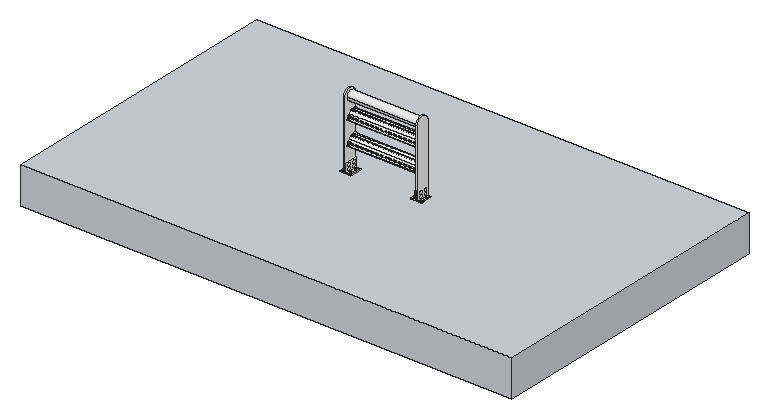
Revit family
Parameters (values of type "24" Projection")
  Warranty = "http://www.alllite-louvers.com/catalog/All-Lite-Warranty.pdf"
  URL = "http://www.alllite-louvers.com"
  Strut/Shroud = Mill finish 6063-T5 extruded aluminum
  Strut = no
  Specifications = "http://www.alllite-louvers.com/catalog/ssa-445-csi-specification.doc"
  SmartBIM Object Version = 3  # constant formula
  SmartBIM Object Created By = "Reed Construction Data"  # constant formula
  Shroud = no
  Projection = 2' - 0"
  Product URL = "http://www.alllite-louvers.com/catalog.php?model=SSA-445"
  Outrigger Spacing = 2' - 0"
  Outrigger Material = Mill finish 6063-T5 extruded aluminum
  Outrigger = "4” high"
  Mounting Bracket Material = Mill finish 6063-T5 extruded aluminum
  Mounting Bracket Visibility = yes
  Mounting Bracket = "Exposed."  # constant formula
  Model Number = "SSA-445"  # constant formula
  Minimum Size = "12\""
  Maximum Size - Single Section = "96\""
  Maximum Size - Multiple Section = "Unlimited"  # constant formula
  Material = "Mill finish 6063-T5 extruded aluminum."  # constant formula
  Manufacturer = "All-Lite"  # constant formula
  Fascia Material = Mill finish 6063-T5 extruded aluminum
  Fascia = "3” diameter x 0.08” thick round tube."
  Default Elevation = 4' - 0"
  Cut Sheet = "http://www.alllite-louvers.com/catalog/SSA445.pdf"
  Blades = "45 Deg x  0.085” thick airfoil style."
  Blade Material = Mill finish 6063-T5 extruded aluminum
  Assembly Code = "B2010400"
  95 CSI = "10700"  # constant formula
  04 CSI = "10 71 13"  # constant formula
Types (6): name | Projection
  (no name) | 2' - 0"
  24" Projection | 2' - 0"
  36" Projection | 3' - 0"
  42" Projection | 3' - 6"
  48" Projection | 4' - 0"
  60" Projection | 5' - 0"
Reference planes (in)
  plane 1 "Center (Front/Back)": y = 0
  plane 2: z = 0
  plane 3 "Center (Left/Right)": x = 0
  plane 4: z = 24
  plane 5: x = -12
  plane 6: x = 12
Forms (in)
  Extrusion 1, solid
    sketch origin (0, 0, 0) x (1, 0, 0) y (0, 1, 0)
      loop
        line (-78.58331, 48) -> (-78.58331, -48) -> (80.97547, -48) -> (80.97547, 48) -> (-78.58331, 48)
    from 0 to -12
Dimensions and locks (in)
  "Projection": plane 4 to Extrusion 1
  equal spacing: plane 5, plane 3 "Center (Left/Right)", plane 6
  "Outrigger Spacing": plane 5 to plane 6
  aligned and locked: Extrusion 1 to plane 2
  aligned and locked: Extrusion 1 to level
  aligned and locked: nested 1 to plane 1 "Center (Front/Back)"
  aligned and locked: plane 3 "Center (Left/Right)" to nested 1
  aligned and locked: nested 1 to Extrusion 1
Automatic sketch dimensions
  Extrusion 1 sketch curve to Extrusion 1 sketch curve = 13' - 3.55878"
  Extrusion 1 sketch curve to Extrusion 1 sketch curve = 8' - 0"
Nested families (in)
  nested 1: "Outrigger-With-Blades" at (0, 0, 0) x (0, 1, 0) z (0, 0, 1), type "Outrigger-With-Blades"
    with Strut no
Definition of nested family "Outrigger-With-Blades"
  Parameters (values of type "Outrigger-With-Blades")
    Strut Material = Mill finish 6063-T5 extruded aluminum
    Strut = yes
    Shroud = no
    Projection = 2' - 0"
    Outrigger Thickness = 0' - 0 1/2"
    Outrigger Spacing = 2' - 0"
    Outrigger Material = Mill finish 6063-T5 extruded aluminum
    Outrigger Hight = 0' - 4"
    Mounting Bracket = Mill finish 6063-T5 extruded aluminum
    Fascia = Mill finish 6063-T5 extruded aluminum
    Drip = if(Brackets, 0' 0 1/4", 0' 0")  # 0' - 0 1/4"
    Brackets = yes
    Blade Material = Mill finish 6063-T5 extruded aluminum
    Assembly Code = ""
    #Of Blades = ((Projection - 1' 0") / 0' 7 1/2")  # 2
  Reference planes (in)
    plane 1 "Center (Front/Back)": y = 0
    plane 2: z = 0
    plane 3 "Center (Left/Right)": x = 0
    plane 4: z = 24
    plane 5: y = 12
    plane 6: y = -12
    plane 7: y = 11.5
    plane 8: y = -11.5
    plane 9: z = 18
    plane 10: x = 2
    plane 11: z = 6
    plane 12: x = 4
    plane 13: z = 0.25
    plane 14: y = -11.125
    plane 15: y = -12.125
    plane 16: y = 11.125
    plane 17: y = 12.125
    plane 18: z = 10.5
    plane 19: z = 0.25
  Forms (in)
    Extrusion 1, solid, material "Mill finish 6063-T5 extruded aluminum" <- "Outrigger Material"
      sketch origin (-26.08204, 12, 48) x (-1, 0, 0) y (0, 0, 1)
        loop
          arc (-26.08204, -26) -> (-28.08204, -24) -> (-30.08204, -26) r 2
          line (-30.08204, -26) -> (-30.08204, -47.75) -> (-26.08204, -47.75) -> (-26.08204, -26)
      from 0 to -0.5
    Extrusion 2, solid, material "Mill finish 6063-T5 extruded aluminum" <- "Outrigger Material"
      sketch origin (-26.08204, -12, 48) x (-1, 0, 0) y (0, 0, -1)
        loop
          line (-26.08204, 26) -> (-26.08204, 47.75) -> (-30.08204, 47.75) -> (-30.08204, 26)
          arc (-30.08204, 26) -> (-28.08204, 24) -> (-26.08204, 26) r 2
      from 0 to -0.5
    Extrusion 3, solid, material "Mill finish 6063-T5 extruded aluminum" <- "Fascia"
      sketch origin (0, 0, 0) x (1, 0, 0) y (0, 0, 1)
        loop
          circle (2, 22) r 1.5
      from -11.5 to 11.5
    Extrusion 4, solid, material "Mill finish 6063-T5 extruded aluminum" <- "Mounting Bracket", visible <- "Brackets"
      sketch origin (0, 0, 0) x (0, 1, 0) y (0, 0, 1)
        loop
          line (13.25, 0) -> (13.25, 0.25) -> (11.5, 0.25) -> (11.5, 3) -> (11.25, 3) -> (11.25, 0.25) -> (9.75, 0.25) -> (9.75, 0) -> (13.25, 0)
        loop
          line (-13.25, 0) -> (-9.75, 0) -> (-9.75, 0.25) -> (-11.25, 0.25) -> (-11.25, 3) -> (-11.5, 3) -> (-11.5, 0.25) -> (-13.25, 0.25) -> (-13.25, 0)
      from 0 to 4
    Extrusion 5, solid, material "Mill finish 6063-T5 extruded aluminum" <- "Mounting Bracket", visible <- "Brackets"
      sketch origin (0, -19.25, 0.25) x (-1, 0, 0) y (0, 1, 0)
        loop
          line (-0.81293, 32.19901) -> (-1.18707, 32.19901) -> (-1.37414, 31.875) -> (-1.18707, 31.55099) -> (-0.81293, 31.55099) -> (-0.62586, 31.875) -> (-0.81293, 32.19901)
        loop
          line (-3.18707, 32.19901) -> (-3.37414, 31.875) -> (-3.18707, 31.55099) -> (-2.81293, 31.55099) -> (-2.62586, 31.875) -> (-2.81293, 32.19901) -> (-3.18707, 32.19901)
        loop
          line (-0.81293, 29.30099) -> (-0.62586, 29.625) -> (-0.81293, 29.94901) -> (-1.18707, 29.94901) -> (-1.37414, 29.625) -> (-1.18707, 29.30099) -> (-0.81293, 29.30099)
        loop
          line (-3.18707, 29.30099) -> (-2.81293, 29.30099) -> (-2.62586, 29.625) -> (-2.81293, 29.94901) -> (-3.18707, 29.94901) -> (-3.37414, 29.625) -> (-3.18707, 29.30099)
      from 0 to -0.125
    Extrusion 6, solid, material "Mill finish 6063-T5 extruded aluminum" <- "Mounting Bracket", visible <- "Brackets"
      sketch origin (0, 19.25, 0.25) x (1, 0, 0) y (0, -1, 0)
        loop
          line (0.81293, 32.19901) -> (0.62586, 31.875) -> (0.81293, 31.55099) -> (1.18707, 31.55099) -> (1.37414, 31.875) -> (1.18707, 32.19901) -> (0.81293, 32.19901)
        loop
          line (3.18707, 32.19901) -> (2.81293, 32.19901) -> (2.62586, 31.875) -> (2.81293, 31.55099) -> (3.18707, 31.55099) -> (3.37414, 31.875) -> (3.18707, 32.19901)
        loop
          line (0.81293, 29.30099) -> (1.18707, 29.30099) -> (1.37414, 29.625) -> (1.18707, 29.94901) -> (0.81293, 29.94901) -> (0.62586, 29.625) -> (0.81293, 29.30099)
        loop
          line (3.18707, 29.30099) -> (3.37414, 29.625) -> (3.18707, 29.94901) -> (2.81293, 29.94901) -> (2.62586, 29.625) -> (2.81293, 29.30099) -> (3.18707, 29.30099)
      from 0 to -0.125
    Extrusion 7, solid, material "Mill finish 6063-T5 extruded aluminum" <- "Mounting Bracket", visible <- "Brackets"
      sketch origin (0, -11.5, 48) x (-1, 0, 0) y (0, 0, -1)
        loop
          line (-0.62586, 47.11157) -> (-1, 47.32758) -> (-1.37414, 47.11157) -> (-1.37414, 46.67956) -> (-1, 46.46355) -> (-0.62586, 46.67956) -> (-0.62586, 47.11157)
        loop
          line (-3.37414, 47.11157) -> (-3.37414, 46.67956) -> (-3, 46.46355) -> (-2.62586, 46.67956) -> (-2.62586, 47.11157) -> (-3, 47.32758) -> (-3.37414, 47.11157)
        loop
          line (-0.62586, 45.86157) -> (-1, 46.07758) -> (-1.37414, 45.86157) -> (-1.37414, 45.42956) -> (-1, 45.21355) -> (-0.62586, 45.42956) -> (-0.62586, 45.86157)
        loop
          line (-3.37414, 45.86157) -> (-3.37414, 45.42956) -> (-3, 45.21355) -> (-2.62586, 45.42956) -> (-2.62586, 45.86157) -> (-3, 46.07758) -> (-3.37414, 45.86157)
      from -0.375 to -0.25
    Extrusion 8, solid, material "Mill finish 6063-T5 extruded aluminum" <- "Mounting Bracket", visible <- "Brackets"
      sketch origin (-26.08204, -12, 48) x (-1, 0, 0) y (0, 0, -1)
        loop
          line (-26.7079, 47.11157) -> (-27.08204, 47.32758) -> (-27.45618, 47.11157) -> (-27.45618, 46.67956) -> (-27.08204, 46.46355) -> (-26.7079, 46.67956) -> (-26.7079, 47.11157)
        loop
          line (-29.45618, 47.11157) -> (-29.45618, 46.67956) -> (-29.08204, 46.46355) -> (-28.7079, 46.67956) -> (-28.7079, 47.11157) -> (-29.08204, 47.32758) -> (-29.45618, 47.11157)
        loop
          line (-26.7079, 45.86157) -> (-27.08204, 46.07758) -> (-27.45618, 45.86157) -> (-27.45618, 45.42956) -> (-27.08204, 45.21355) -> (-26.7079, 45.42956) -> (-26.7079, 45.86157)
        loop
          line (-29.45618, 45.86157) -> (-29.45618, 45.42956) -> (-29.08204, 45.21355) -> (-28.7079, 45.42956) -> (-28.7079, 45.86157) -> (-29.08204, 46.07758) -> (-29.45618, 45.86157)
      from 0 to 0.125
    Extrusion 9, solid, material "Mill finish 6063-T5 extruded aluminum" <- "Mounting Bracket", visible <- "Brackets"
      sketch origin (0, 11.5, 48) x (-1, 0, 0) y (0, 0, 1)
        loop
          line (-0.62586, -47.11157) -> (-0.62586, -46.67956) -> (-1, -46.46355) -> (-1.37414, -46.67956) -> (-1.37414, -47.11157) -> (-1, -47.32758) -> (-0.62586, -47.11157)
        loop
          line (-3.37414, -47.11157) -> (-3, -47.32758) -> (-2.62586, -47.11157) -> (-2.62586, -46.67956) -> (-3, -46.46355) -> (-3.37414, -46.67956) -> (-3.37414, -47.11157)
        loop
          line (-0.62586, -45.86157) -> (-0.62586, -45.42956) -> (-1, -45.21355) -> (-1.37414, -45.42956) -> (-1.37414, -45.86157) -> (-1, -46.07758) -> (-0.62586, -45.86157)
        loop
          line (-3.37414, -45.86157) -> (-3, -46.07758) -> (-2.62586, -45.86157) -> (-2.62586, -45.42956) -> (-3, -45.21355) -> (-3.37414, -45.42956) -> (-3.37414, -45.86157)
      from -0.375 to -0.25
    Extrusion 10, solid, material "Mill finish 6063-T5 extruded aluminum" <- "Mounting Bracket", visible <- "Brackets"
      sketch origin (-26.08204, 18, 48) x (-1, 0, 0) y (0, 0, 1)
        loop
          line (-26.7079, -47.11157) -> (-26.7079, -46.67956) -> (-27.08204, -46.46355) -> (-27.45618, -46.67956) -> (-27.45618, -47.11157) -> (-27.08204, -47.32758) -> (-26.7079, -47.11157)
        loop
          line (-29.45618, -47.11157) -> (-29.08204, -47.32758) -> (-28.7079, -47.11157) -> (-28.7079, -46.67956) -> (-29.08204, -46.46355) -> (-29.45618, -46.67956) -> (-29.45618, -47.11157)
        loop
          line (-26.7079, -45.86157) -> (-26.7079, -45.42956) -> (-27.08204, -45.21355) -> (-27.45618, -45.42956) -> (-27.45618, -45.86157) -> (-27.08204, -46.07758) -> (-26.7079, -45.86157)
        loop
          line (-29.45618, -45.86157) -> (-29.08204, -46.07758) -> (-28.7079, -45.86157) -> (-28.7079, -45.42956) -> (-29.08204, -45.21355) -> (-29.45618, -45.42956) -> (-29.45618, -45.86157)
      from -6 to -5.875
  Dimensions and locks (in)
    "Projection": plane 4 to level
    "Outrigger Hight": Extrusion 1 sketch curve to plane 3 "Center (Left/Right)"
    locked: plane 4 to Extrusion 1 sketch curve at 0
    equal spacing: plane 6, plane 1 "Center (Front/Back)", plane 5
    "Outrigger Spacing": plane 6 to plane 5
    "Outrigger Thickness": plane 5 to plane 7
    locked: plane 4 to Extrusion 2 sketch curve at 0
    "Outrigger Hight": Extrusion 2 sketch curve to plane 3 "Center (Left/Right)"
    locked: plane 4 to Extrusion 3 sketch curve at 2
    locked: Extrusion 3 sketch curve to plane 3 "Center (Left/Right)" at 2
    "Outrigger Thickness": plane 6 to plane 8
    locked: plane 4 to plane 9 at 6
    locked: plane 3 "Center (Left/Right)" to plane 10 at 2
    locked: plane 11 to level at 6
    "Outrigger Hight": plane 3 "Center (Left/Right)" to plane 12
    locked: Extrusion 4 sketch curve to Extrusion 4 sketch curve at 0.25  (x3)
    Extrusion 4 sketch curve to plane 7 to Extrusion 4 sketch curve = 0' - 1 3/4" locked, 0' - 1 3/4" locked
    locked: level to Extrusion 4 sketch curve at 3
    Extrusion 4 sketch curve to plane 8 to Extrusion 4 sketch curve = 0' - 1 3/4" locked, 0' - 1 3/4" locked
    locked: Extrusion 4 sketch curve to level at 3
    locked: Extrusion 4 sketch curve to level at 0.25
    locked: plane 13 to level at 0.25
    plane 3 "Center (Left/Right)" to plane 10 = 0' - 2"
    locked: plane 14 to plane 8 at 0.375
    locked: plane 6 to plane 15 at 0.125
    locked: plane 17 to plane 5 at 0.125
    locked: plane 7 to plane 16 at 0.375
    locked: plane 9 to plane 18 at 7.5
    group 1 to group 2 = 0' - 0"  (x2)
    group 2 to group 1 = 0' - 7 1/2"
    "Drip": plane 19 to plane 2
    aligned and locked: Extrusion 1 sketch curve to plane 3 "Center (Left/Right)"
    aligned and locked: Extrusion 1 to plane 7
    aligned and locked: plane 3 "Center (Left/Right)" to Extrusion 2 sketch curve
    aligned and locked: plane 7 to Extrusion 3
    aligned and locked: plane 6 to Extrusion 2
    aligned and locked: Extrusion 2 to plane 8
    aligned and locked: plane 8 to Extrusion 3
    aligned and locked: nested 1 to plane 9
    aligned and locked: plane 10 to nested 1
    aligned and locked: plane 1 "Center (Front/Back)" to nested 1
    aligned and locked: level to Extrusion 4 sketch curve
    aligned and locked: Extrusion 4 to plane 12
    aligned and locked: Extrusion 4 to plane 3 "Center (Left/Right)"
    aligned and locked: Extrusion 4 sketch curve to plane 7
    aligned and locked: Extrusion 4 sketch curve to Extrusion 4 sketch curve  (x2)
    aligned and locked: Extrusion 5 to plane 13
    aligned and locked: plane 14 to Extrusion 7
    aligned and locked: Extrusion 7 to Extrusion 4
    aligned and locked: Extrusion 8 to plane 6
    aligned and locked: plane 15 to Extrusion 8
    aligned and locked: Extrusion 9 to Extrusion 4
    aligned and locked: plane 16 to Extrusion 9
    aligned and locked: Extrusion 10 to plane 5
    aligned and locked: plane 17 to Extrusion 10
    aligned and locked: nested 2 to plane 18
    aligned and locked: plane 10 to nested 2
    aligned and locked: plane 1 "Center (Front/Back)" to nested 2
    aligned and locked: nested 3 to plane 6
    aligned and locked: plane 3 "Center (Left/Right)" to nested 3
    aligned and locked: level to nested 3
    aligned and locked: nested 4 to level
    aligned and locked: nested 4 to plane 12
    aligned and locked: plane 6 to nested 4
    aligned and locked: nested 6 to plane 5
    aligned and locked: plane 5 to nested 5
    aligned and locked: level to nested 6
    aligned and locked: nested 5 to level
    aligned and locked: Extrusion 1 sketch curve to plane 19
    aligned and locked: Extrusion 2 sketch curve to plane 19
  Automatic sketch dimensions
    Extrusion 4 sketch curve to plane 8 = 0' - 0"
    Extrusion 4 sketch curve to level = 0' - 0"
    plane 12 to Extrusion 5 sketch curve = 0' - 0.62586"  (x2)
    Extrusion 5 sketch curve to Extrusion 5 sketch curve = 0' - 0.18707"  (x12)
    plane 17 to Extrusion 5 sketch curve = 0' - 0.17599"  (x2)
    Extrusion 5 sketch curve to Extrusion 5 sketch curve = 0' - 0.37414"  (x8)
    plane 10 to Extrusion 5 sketch curve = 0' - 0.62586"  (x2)
    Extrusion 5 sketch curve to Extrusion 5 sketch curve = 0' - 0.32401"  (x12)
    plane 16 to Extrusion 5 sketch curve = 0' - 0.42599"  (x2)
    plane 3 "Center (Left/Right)" to Extrusion 6 sketch curve = 0' - 0.62586"  (x2)
    Extrusion 6 sketch curve to Extrusion 6 sketch curve = 0' - 0.18707"  (x12)
    plane 15 to Extrusion 6 sketch curve = 0' - 0.17599"  (x2)
    Extrusion 6 sketch curve to Extrusion 6 sketch curve = 0' - 0.37414"  (x8)
    Extrusion 6 sketch curve to plane 10 = 0' - 0.62586"  (x2)
    Extrusion 6 sketch curve to Extrusion 6 sketch curve = 0' - 0.32401"  (x12)
    plane 14 to Extrusion 6 sketch curve = 0' - 0.42599"  (x2)
    Extrusion 7 sketch curve to plane 12 = 0' - 0.62586"  (x2)
    Extrusion 7 sketch curve to Extrusion 7 sketch curve = 0' - 0.37414"  (x10)
    Extrusion 7 sketch curve to Extrusion 7 sketch curve = 0' - 0"  (x2)
    plane 13 to Extrusion 7 sketch curve = 0' - 0.42242"  (x2)
    Extrusion 7 sketch curve to plane 10 = 0' - 0.62586"  (x2)
    Extrusion 7 sketch curve to Extrusion 7 sketch curve = 0' - 0.21601"  (x12)
    Extrusion 7 sketch curve to Extrusion 7 sketch curve = 0' - 0.43202"  (x8)
    Extrusion 7 sketch curve to Extrusion 7 sketch curve = 0' - 0.38596"  (x2)
    Extrusion 8 sketch curve to plane 12 = 0' - 0.62586"  (x2)
    Extrusion 8 sketch curve to Extrusion 8 sketch curve = 0' - 0.37414"  (x10)
    Extrusion 8 sketch curve to Extrusion 8 sketch curve = 0' - 0"  (x2)
    plane 13 to Extrusion 8 sketch curve = 0' - 0.42242"  (x2)
    Extrusion 8 sketch curve to plane 10 = 0' - 0.62586"  (x2)
    Extrusion 8 sketch curve to Extrusion 8 sketch curve = 0' - 0.21601"  (x12)
    Extrusion 8 sketch curve to Extrusion 8 sketch curve = 0' - 0.43202"  (x8)
    Extrusion 8 sketch curve to Extrusion 8 sketch curve = 0' - 0.38596"  (x2)
    plane 12 to Extrusion 9 sketch curve = 0' - 0.62586"  (x2)
    Extrusion 9 sketch curve to Extrusion 9 sketch curve = 0' - 0.37414"  (x10)
    Extrusion 9 sketch curve to Extrusion 9 sketch curve = 0' - 0"  (x2)
    Extrusion 9 sketch curve to plane 13 = 0' - 0.42242"  (x2)
    plane 10 to Extrusion 9 sketch curve = 0' - 0.62586"  (x2)
    Extrusion 9 sketch curve to Extrusion 9 sketch curve = 0' - 0.21601"  (x12)
    Extrusion 9 sketch curve to Extrusion 9 sketch curve = 0' - 0.43202"  (x8)
    Extrusion 9 sketch curve to Extrusion 9 sketch curve = 0' - 0.38596"  (x2)
    plane 12 to Extrusion 10 sketch curve = 0' - 0.62586"  (x2)
    Extrusion 10 sketch curve to Extrusion 10 sketch curve = 0' - 0.37414"  (x10)
    Extrusion 10 sketch curve to Extrusion 10 sketch curve = 0' - 0"  (x2)
    Extrusion 10 sketch curve to plane 13 = 0' - 0.42242"  (x2)
    plane 10 to Extrusion 10 sketch curve = 0' - 0.62586"  (x2)
    Extrusion 10 sketch curve to Extrusion 10 sketch curve = 0' - 0.21601"  (x12)
    Extrusion 10 sketch curve to Extrusion 10 sketch curve = 0' - 0.43202"  (x8)
    Extrusion 10 sketch curve to Extrusion 10 sketch curve = 0' - 0.38596"  (x2)
    radius of Extrusion 3 sketch curve = 0' - 1 1/2"
  Nested families (in)
    nested 1: "Blade" at (0.59555, 0, 15.1911), type "Blade"
      with Outrigger Thickness 0' - 0 1/2", Outrigger Spacing 2' - 0"
    nested 2: "Blade" at (0.59555, 0, 7.6911), type "Blade"
      with Outrigger Thickness 0' - 0 1/2", Outrigger Spacing 2' - 0"
    nested 3: "Strut-Shroud" at (0, -12.125, 0), visible <- "Strut", type "Strut"
    nested 4: "Strut-Shroud" at (4, -12.125, 0) x (-1, 0, 0) z (0, 0, 1), visible <- "Shroud", type "Shroud"
      with Projection 2' - 0"
    nested 5: "Strut-Shroud" at (0, 12.125, 0), visible <- "Strut", type "Strut"
    nested 6: "Strut-Shroud" at (4, 12.125, 0) x (-1, 0, 0) z (0, 0, 1), visible <- "Shroud", type "Shroud"
      with Projection 2' - 0"
  Definition of nested family "Blade"
    Parameters
      Outrigger Thickness = 0' - 1"
      Outrigger Spacing = 2' - 3 77/128"
      Blade Material = none
    Reference planes (in)
      plane 1 "Center (Front/Back)": y = 0
      plane 2: z = 0
      plane 3 "Center (Left/Right)": x = 0
      plane 4: y = -13.80078
      plane 5: y = 13.80078
      plane 6: y = 12.80078
      plane 7: y = -12.80078
      plane 8: z = 2.8089
      plane 9: x = 2.8089
      plane 10: x = 1.40445
    Forms (in)
      Extrusion 1, solid, material <- "Blade Material"
        sketch origin (0, 0, 0) x (0.707107, 0, -0.707107) y (0.707107, 0, 0.707107)
          loop
            arc (0.10033, 0.12795) -> (0.27345, 0.3868) -> (0.42006, 0.66154) r 3.13856
            arc (0.42006, 0.66154) -> (0.54558, 0.96897) -> (0.63792, 1.28794) r 3.13856
            arc (0.63792, 1.28794) -> (0.71619, 1.85012) -> (0.69191, 2.4172) r 3.13856
            arc (0.69191, 2.4172) -> (0.60271, 2.84917) -> (0.45383, 3.26436) r 3.13856
            arc (0.45383, 3.26436) -> (0.29415, 3.57814) -> (0.10033, 3.87205) r 3.13856
            arc (0.10033, 3.87205) -> (0, 3.92249) -> (-0.10033, 3.87205) r 0.125
            arc (-0.10033, 3.87205) -> (-0.37395, 3.43219) -> (-0.57149, 2.95331) r 3.13856
            arc (-0.57149, 2.95331) -> (-0.70287, 2.32524) -> (-0.70378, 1.68357) r 3.13856
            arc (-0.70378, 1.68357) -> (-0.61302, 1.18842) -> (-0.44427, 0.71415) r 3.13856
            arc (-0.44427, 0.71415) -> (-0.28822, 0.41171) -> (-0.10033, 0.12795) r 3.13856
            arc (-0.10033, 0.12795) -> (0, 0.07751) -> (0.10033, 0.12795) r 0.125
          loop
            arc (0, 0.20251) -> (0.21257, 0.53117) -> (0.38076, 0.88462) r 3.01356
            arc (0.38076, 0.88462) -> (0.20483, 0.79269) -> (0.04032, 0.90375) r 0.19379
            arc (0.04032, 0.90375) -> (0.06468, 0.97131) -> (0.13224, 0.94695) r 0.05078
            arc (0.13224, 0.94695) -> (0.21053, 0.89409) -> (0.29425, 0.93784) r 0.09222
            arc (0.29425, 0.93784) -> (0.27906, 1.05319) -> (0.16303, 1.06187) r 0.09222
            arc (0.16303, 1.06187) -> (0.11134, 1.08777) -> (0.10502, 1.14524) r 0.06047
            arc (0.10502, 1.14524) -> (0.32077, 1.149) -> (0.40625, 0.95087) r 0.19379
            arc (0.40625, 0.95087) -> (0.59477, 2) -> (0.40625, 3.04913) r 3.01356
            arc (0.40625, 3.04913) -> (0.32077, 2.851) -> (0.10502, 2.85476) r 0.19379
            arc (0.10502, 2.85476) -> (0.11134, 2.91223) -> (0.16303, 2.93813) r 0.06047
            arc (0.16303, 2.93813) -> (0.27906, 2.94681) -> (0.29425, 3.06216) r 0.09222
            arc (0.29425, 3.06216) -> (0.21053, 3.10591) -> (0.13224, 3.05305) r 0.09222
            arc (0.13224, 3.05305) -> (0.06468, 3.02869) -> (0.04032, 3.09625) r 0.05078
            arc (0.04032, 3.09625) -> (0.20483, 3.20731) -> (0.38076, 3.11538) r 0.19379
            arc (0.38076, 3.11538) -> (0.21257, 3.46883) -> (0, 3.79749) r 3.01356
            arc (0, 3.79749) -> (-0.21257, 3.46883) -> (-0.38076, 3.11538) r 3.01356
            arc (-0.38076, 3.11538) -> (-0.20483, 3.20731) -> (-0.04032, 3.09625) r 0.19379
            arc (-0.04032, 3.09625) -> (-0.06468, 3.02869) -> (-0.13224, 3.05305) r 0.05078
            arc (-0.13224, 3.05305) -> (-0.21053, 3.10591) -> (-0.29425, 3.06216) r 0.09222
            arc (-0.29425, 3.06216) -> (-0.27906, 2.94681) -> (-0.16303, 2.93813) r 0.09222
            arc (-0.16303, 2.93813) -> (-0.11134, 2.91223) -> (-0.10502, 2.85476) r 0.06047
            arc (-0.10502, 2.85476) -> (-0.32077, 2.851) -> (-0.40625, 3.04913) r 0.19379
            arc (-0.40625, 3.04913) -> (-0.59477, 2) -> (-0.40625, 0.95087) r 3.01356
            arc (-0.40625, 0.95087) -> (-0.32077, 1.149) -> (-0.10502, 1.14524) r 0.19379
            arc (-0.10502, 1.14524) -> (-0.11134, 1.08777) -> (-0.16303, 1.06187) r 0.06047
            arc (-0.16303, 1.06187) -> (-0.27906, 1.05319) -> (-0.29425, 0.93784) r 0.09222
            arc (-0.29425, 0.93784) -> (-0.21053, 0.89409) -> (-0.13224, 0.94695) r 0.09222
            arc (-0.13224, 0.94695) -> (-0.06468, 0.97131) -> (-0.04032, 0.90375) r 0.05078
            arc (-0.04032, 0.90375) -> (-0.20483, 0.79269) -> (-0.38076, 0.88462) r 0.19379
            arc (-0.38076, 0.88462) -> (-0.21257, 0.53117) -> (0, 0.20251) r 3.01356
        from -12.80078 to 12.80078
    Dimensions and locks (in)
      equal spacing: plane 4, plane 1 "Center (Front/Back)", plane 5
      "Outrigger Spacing": plane 5 to plane 4
      "Outrigger Thickness": plane 5 to plane 6
      "Outrigger Thickness": plane 4 to plane 7
      equal spacing: plane 9, plane 10, plane 3 "Center (Left/Right)"
      aligned and locked: plane 7 to Extrusion 1
      aligned and locked: plane 6 to Extrusion 1
    Automatic sketch dimensions
      Extrusion 1 sketch curve to Extrusion 1 sketch curve = 0' - 0"  (x161)
      Extrusion 1 sketch curve to plane 3 "Center (Left/Right)" = 0' - 0.29613"
      level to Extrusion 1 sketch curve = 0' - 3.12456"
      Extrusion 1 sketch curve to Extrusion 1 sketch curve = 0' - 1.71502"
      Extrusion 1 sketch curve to Extrusion 1 sketch curve = 0' - 0.13229"
      Extrusion 1 sketch curve to Extrusion 1 sketch curve = 0' - 0.2595"
      Extrusion 1 sketch curve to Extrusion 1 sketch curve = 0' - 0.16523"
      Extrusion 1 sketch curve to Extrusion 1 sketch curve = 0' - 0.03802"
      Extrusion 1 sketch curve to Extrusion 1 sketch curve = 0' - 0.0255"  (x4)
      Extrusion 1 sketch curve to Extrusion 1 sketch curve = 0' - 0.0865"  (x4)
      Extrusion 1 sketch curve to Extrusion 1 sketch curve = 0' - 0.07855"  (x4)
      Extrusion 1 sketch curve to Extrusion 1 sketch curve = 0' - 0.05267"  (x2)
      Extrusion 1 sketch curve to Extrusion 1 sketch curve = 0' - 0.00205"  (x4)
      Extrusion 1 sketch curve to Extrusion 1 sketch curve = 0' - 0.08347"  (x4)
      Extrusion 1 sketch curve to Extrusion 1 sketch curve = 0' - 0.05596"  (x4)
      Extrusion 1 sketch curve to Extrusion 1 sketch curve = 0' - 0.28043"
      Extrusion 1 sketch curve to Extrusion 1 sketch curve = 0' - 0.34394"
      Extrusion 1 sketch curve to Extrusion 1 sketch curve = 0' - 0.04596"  (x4)
      Extrusion 1 sketch curve to Extrusion 1 sketch curve = 0' - 0.10033"  (x4)
      Extrusion 1 sketch curve to Extrusion 1 sketch curve = 0' - 0.08064"  (x2)
      Extrusion 1 sketch curve to Extrusion 1 sketch curve = 0' - 0.02722"  (x2)
      Extrusion 1 sketch curve to Extrusion 1 sketch curve = 0' - 0.0393"
      Extrusion 1 sketch curve to Extrusion 1 sketch curve = 0' - 0.07307"
      Extrusion 1 sketch curve to Extrusion 1 sketch curve = 0' - 0.23167"
      Extrusion 1 sketch curve to Extrusion 1 sketch curve = 0' - 0.28566"
      Extrusion 1 sketch curve to Extrusion 1 sketch curve = 0' - 0.31643"
      Extrusion 1 sketch curve to Extrusion 1 sketch curve = 0' - 0.43109"
      Extrusion 1 sketch curve to Extrusion 1 sketch curve = 0' - 0.02293"  (x3)
      Extrusion 1 sketch curve to Extrusion 1 sketch curve = 0' - 0.0757"
      Extrusion 1 sketch curve to Extrusion 1 sketch curve = 0' - 0.19436"
  Definition of nested family "Strut-Shroud"
    Parameters (values of type "Shroud")
      Strut Material = Mill finish 6063-T5 extruded aluminum
      Projection = 5' - 0"
      Assembly Code = ""
    Types (2): name | Projection
      Shroud | 5' - 0"
      Strut | 2' - 0"
    Reference planes (in)
      plane 1 "Center (Front/Back)": y = 0
      plane 2: z = 0
      plane 3 "Center (Left/Right)": x = 0
      plane 4: z = 60
      plane 5: z = 55
      plane 6: x = 4.5
      plane 7: y = 0.125
    Forms (in)
      Revolve 1, solid, material "Mill finish 6063-T5 extruded aluminum" <- "Strut Material"
        sketch origin (0, 0, 0) x (1, 0, 0) y (0, 0, 1)
          loop
            line (6.56337, 52.93663) -> (54.46447, 5.03553) -> (54.9948, 5.56586) -> (54.8589, 5.70176) -> (54.69696, 5.53981)
            arc (54.69696, 5.53981) -> (54.49236, 5.7049) -> (54.24963, 5.60392) r 0.25713
            line (54.24963, 5.60392) -> (53.67075, 6.1828) -> (53.86236, 6.3744) -> (53.60664, 6.63012) -> (53.76859, 6.79207) -> (8.28866, 52.272) -> (8.12671, 52.11005) -> (7.87099, 52.36577) -> (7.67939, 52.17416) -> (7.10051, 52.75304)
            arc (7.10051, 52.75304) -> (7.20149, 52.99577) -> (7.0364, 53.20037) r 0.25713
            line (7.0364, 53.20037) -> (7.19835, 53.36231) -> (7.0937, 53.46696) -> (6.56337, 52.93663)
          axis (54.46447, 5.03553) -> (6.56337, 52.93663)
        angle from 0 to 360
      Extrusion 2, solid, material "Mill finish 6063-T5 extruded aluminum" <- "Strut Material"
        sketch origin (0, 0, 0) x (1, 0, 0) y (0, 0, 1)
          loop
            line (58.5, 0.5) -> (58.5, 4) -> (57.64724, 4) -> (55.5, 1.85276) -> (55.5, 0.5) -> (58.5, 0.5)
        from -0.125 to 0.125
      Extrusion 3, solid, material "Mill finish 6063-T5 extruded aluminum" <- "Strut Material"
        sketch origin (0, 0, 0) x (1, 0, 0) y (0, 0, 1)
          loop
            line (54.9948, 5.56586) -> (53.93414, 4.5052) -> (56.58579, 1.85355)
            arc (56.58579, 1.85355) -> (57.64645, 1.85355) -> (57.64645, 2.91421) r 0.75
            line (57.64645, 2.91421) -> (54.9948, 5.56586)
        from -0.375 to -0.125
      Extrusion 4, solid, material "Mill finish 6063-T5 extruded aluminum" <- "Strut Material"
        sketch origin (0, 0, 0) x (1, 0, 0) y (0, 0, 1)
          loop
            line (54.9948, 5.56586) -> (53.93414, 4.5052) -> (56.58579, 1.85355)
            arc (56.58579, 1.85355) -> (57.64645, 1.85355) -> (57.64645, 2.91421) r 0.75
            line (57.64645, 2.91421) -> (54.9948, 5.56586)
        from 0.375 to 0.125
      Sweep 5, solid, material "Mill finish 6063-T5 extruded aluminum" <- "Strut Material"
        path origin (0, 0, 0) x (1, 0, 0) y (0, 1, 0)
          loop
            line (57.11612, -0.625) -> (57.11612, 0.625)
        profile origin (57.11612, 0, 0) x (-1, 0, 0) y (0, 0, 1)
          loop
            line (0.28868, 2.88388) -> (-0.28868, 2.88388) -> (-0.57735, 2.38388) -> (-0.28868, 1.88388) -> (0.28868, 1.88388) -> (0.57735, 2.38388) -> (0.28868, 2.88388)
      Extrusion 6, solid, material "Mill finish 6063-T5 extruded aluminum" <- "Strut Material"
        sketch origin (0, 0, 0) x (1, 0, 0) y (0, 0, 1)
          loop
            line (7.0937, 53.46696) -> (5.05639, 55.50427)
            arc (5.05639, 55.50427) -> (3.99573, 55.50427) -> (3.99573, 54.44361) r 0.75
            line (3.99573, 54.44361) -> (6.03304, 52.4063) -> (7.0937, 53.46696)
        from 0.125 to 0.375
      Extrusion 7, solid, material "Mill finish 6063-T5 extruded aluminum" <- "Strut Material"
        sketch origin (0, 0, 0) x (1, 0, 0) y (0, 0, 1)
          loop
            line (0, 56) -> (0, 54) -> (4.5, 54)
            arc (4.5, 54) -> (5.5, 55) -> (4.5, 56) r 1
            line (4.5, 56) -> (0, 56)
        from -0.125 to 0.125
      Extrusion 8, solid, material "Mill finish 6063-T5 extruded aluminum" <- "Strut Material"
        sketch origin (0, 0, 0) x (1, 0, 0) y (0, 0, 1)
          loop
            line (7.0937, 53.46696) -> (5.05639, 55.50427)
            arc (5.05639, 55.50427) -> (3.99573, 55.50427) -> (3.99573, 54.44361) r 0.75
            line (3.99573, 54.44361) -> (6.03304, 52.4063) -> (7.0937, 53.46696)
        from -0.375 to -0.125
      Extrusion 9, solid, material "Mill finish 6063-T5 extruded aluminum" <- "Strut Material"
        sketch origin (0, 0, 0) x (1, 0, 0) y (0, 0, 1)
          loop
            line (55.5, 0.5) -> (55.5, 0) -> (58.5, 0) -> (58.5, 0.5) -> (55.5, 0.5)
        from -0.125 to 2
      Extrusion 10, solid, material "Mill finish 6063-T5 extruded aluminum" <- "Strut Material"
        sketch origin (0, -0.125, 0) x (1, 0, 0) y (0, 0, 1)
          loop
            circle (0.86537, 55) r 0.5
          loop
            circle (2.51824, 55) r 0.5
        from 0 to 0.25
      Extrusion 11, solid, material "Mill finish 6063-T5 extruded aluminum" <- "Strut Material"
        sketch origin (0, -0.125, 0) x (1, 0, 0) y (0, 0, 1)
          loop
            circle (4.5, 55) r 0.5
        from 0.25 to 0.5
    Lines and regions (in)
      reference lines
        curve 1: line (4.5, 0, 55) -> (59.5, 0, 0)
    Dimensions and locks (in)
      "Projection": plane 4 to level
      locked: plane 4 to plane 5 at 5
      locked: plane 6 to plane 3 "Center (Left/Right)" at 4.5
      locked: curve 1 to Revolve 1 sketch curve at 0.75  (x2)
      Extrusion 4 sketch curve to curve 1 to Extrusion 4 sketch curve = 0' - 0 3/4" locked, 0' - 0 3/4" locked
      locked: Sweep 5 sketch curve to curve 1 at 2.38388
      Extrusion 6 sketch curve to curve 1 to Extrusion 6 sketch curve = 0' - 0 3/4" locked, 0' - 0 3/4" locked
      locked: curve 1 to Revolve 1 sketch curve at 0.5444
      Extrusion 3 sketch curve to curve 1 to Extrusion 3 sketch curve = 0' - 0 3/4" locked, 0' - 0 3/4" locked
      Extrusion 8 sketch curve to curve 1 to Extrusion 8 sketch curve = 0' - 0 3/4" locked, 0' - 0 3/4" locked
      curve 1 to Extrusion 2 sketch curve to Extrusion 2 sketch curve to Extrusion 2 sketch curve = 0' - 1" locked, 0' - 0.85276" locked, 0' - 2.14724" locked
      locked: Extrusion 2 sketch curve to level at 0.5
      Extrusion 9 sketch curve to Extrusion 9 sketch curve to curve 1 = 0' - 3" locked, 0' - 1" locked
      angle plane 3 "Center (Left/Right)" to curve 1 = 45.00°
      aligned and locked: plane 5 to curve 1
      aligned and locked: curve 1 to plane 6
      aligned and locked: level to curve 1
      aligned and locked: Revolve 1 sketch curve to Revolve 1 sketch curve
      aligned and locked: Extrusion 7 sketch curve to plane 3 "Center (Left/Right)"
      aligned and locked: Extrusion 2 to Extrusion 9 sketch curve
      aligned and locked: Extrusion 9 sketch curve to Extrusion 2
      aligned and locked: level to Extrusion 9 sketch curve
      aligned and locked: Extrusion 9 to Extrusion 2
      aligned and locked: Extrusion 11 to Extrusion 6
    Automatic sketch dimensions
      level to Extrusion 3 sketch curve = 0' - 4.5052"
      level to Extrusion 3 sketch curve = 0' - 1.85355"
      Extrusion 3 sketch curve to Extrusion 3 sketch curve = 0' - 0.53033"
      level to Extrusion 3 sketch curve = 0' - 2.91421"
      level to Extrusion 4 sketch curve = 0' - 4.5052"
      level to Extrusion 4 sketch curve = 0' - 1.85355"
      Extrusion 4 sketch curve to Extrusion 4 sketch curve = 0' - 0.53033"
      level to Extrusion 4 sketch curve = 0' - 2.91421"
      plane 1 "Center (Front/Back)" to Sweep 5 sketch curve = 0' - 0 5/8"
      Sweep 5 sketch curve to plane 1 "Center (Front/Back)" = 0' - 0 5/8"
      profile plane to Sweep 5 sketch curve = 0' - 0.57735"
      profile plane to Sweep 5 sketch curve = 0' - 0.28868"  (x2)
      Sweep 5 sketch curve to profile plane = 0' - 0.28868"  (x2)
      Sweep 5 sketch curve to profile plane = 0' - 0.57735"
      level to Sweep 5 sketch curve = 0' - 1.88388"
      Sweep 5 sketch curve to Sweep 5 sketch curve = 0' - 0 1/2"  (x3)
      Extrusion 6 sketch curve to plane 5 = 0' - 0.55639"
      Extrusion 6 sketch curve to plane 6 = 0' - 0.55639"
      Extrusion 6 sketch curve to Extrusion 6 sketch curve = 0' - 0.53033"
      Extrusion 6 sketch curve to plane 6 = 0' - 1.53304"
      Extrusion 8 sketch curve to plane 6 = 0' - 0.55639"
      Extrusion 8 sketch curve to plane 5 = 0' - 1.53304"
      Extrusion 8 sketch curve to plane 5 = 0' - 0.55639"
      Extrusion 8 sketch curve to plane 6 = 0' - 0.02606"
      Extrusion 7 sketch curve to plane 6 = 0' - 0"
      Extrusion 7 sketch curve to plane 5 = 0' - 0"
      Extrusion 7 sketch curve to Extrusion 7 sketch curve = 0' - 1"
      level to Extrusion 2 sketch curve = 0' - 1.85276"
      level to Extrusion 2 sketch curve = 0' - 4"
      Extrusion 10 sketch curve to Extrusion 7 = 0' - 0.86537"
      Extrusion 10 sketch curve to Extrusion 7 = 0' - 1"  (x2)
      Extrusion 10 sketch curve to Extrusion 10 sketch curve = 0' - 1.65287"
      Revolve 1 sketch curve to plane 6 = 0' - 0.90994"
      Revolve 1 sketch curve to Revolve 1 sketch curve = 0' - 0.70711"
      Revolve 1 sketch curve to Revolve 1 sketch curve = 0' - 0.44633"  (x2)
      Revolve 1 sketch curve to Revolve 1 sketch curve = 0' - 0.38359"
      Revolve 1 sketch curve to Revolve 1 sketch curve = 0' - 0.08943"
      Revolve 1 sketch curve to plane 5 = 0' - 1.53304"
      Revolve 1 sketch curve to Revolve 1 sketch curve = 0' - 0.15354"
      Revolve 1 sketch curve to plane 5 = 0' - 1.63769"
      Revolve 1 sketch curve to Revolve 1 sketch curve = 0' - 0.57888"
      Revolve 1 sketch curve to Revolve 1 sketch curve = 0' - 0.1916"
      Revolve 1 sketch curve to Revolve 1 sketch curve = 0' - 0.25572"
      Revolve 1 sketch curve to plane 5 = 0' - 2.728"
      level to Revolve 1 sketch curve = 0' - 5.60392"
      Revolve 1 sketch curve to Revolve 1 sketch curve = 0' - 0.38727"
      level to Revolve 1 sketch curve = 0' - 5.03553"
      Revolve 1 sketch curve to Revolve 1 sketch curve = 0' - 0.20625"
      level to Revolve 1 sketch curve = 0' - 5.53981"
      Revolve 1 sketch curve to plane 5 = 0' - 0.90994"
      level to Revolve 1 sketch curve = 0' - 6.63012"
      Revolve 1 sketch curve to Revolve 1 sketch curve = 0' - 1.38816"
      level to Revolve 1 sketch curve = 0' - 6.1828"
      radius of Extrusion 10 sketch curve = 0' - 0 1/2"  (x2)
      radius of Extrusion 11 sketch curve to Extrusion 7 = 0' - 0 1/2"
